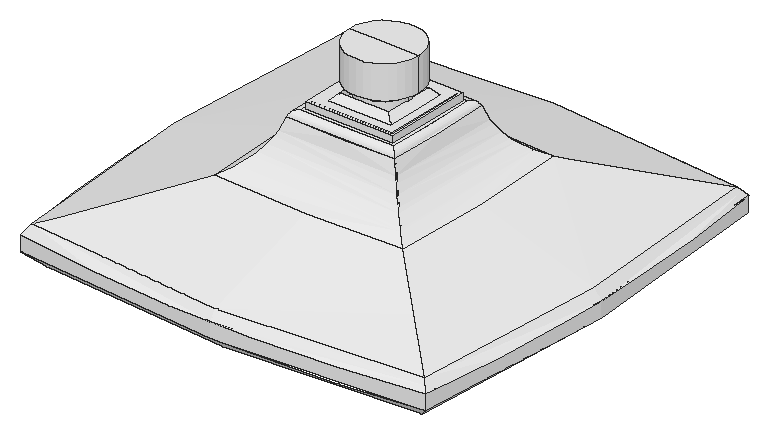
Revit family "Showerhead-American_Standard-Townsend-1660515_Series", category Plumbing Fixtures, Revit 2019
Family settings
  Round Connector Dimension = Use Diameter
  Part Type = Normal
  OmniClass Number = 23.45.05.14.17
  OmniClass Title = Showers
  Work Plane-Based = Yes
  Always vertical = No
  Cut with Voids When Loaded = No
  Shared = Yes
  Room Calculation Point = No
Parameters (values of type "1660515.002")
  Width = 6 5/16"  # constant formula
  Water Connection Radius = 1/4"  # constant formula
  Water Connection Diameter = 1/2"  # constant formula
  Waste Connection = no
  WFU = 4  # constant formula
  Vent Connection = no
  URL = "https://www.americanstandard-us.com/"
  Product Page URL = "https://www.americanstandard-us.com/Showerheads/Town-Square-S-6-1-4-Inch-18-gpm-68-L-min-Fixed-Showerhead/CHROME-1660515002"
  Product Documentation Link = "https://americanstandard.box.com/shared/static/hhltdczuiqw1s6bqu4gh6lyk77v5kmjx.pdf"
  Model = "1660515.002"
  Material = "Brass-American Standard-002-Polished Chrome"
  Manufacturer = "American Standard"  # constant formula
  Length = 6 5/16"  # constant formula
  Height = 2 11/16"  # constant formula
  HWFU = 3  # constant formula
  HW Connection = yes
  Flow Rate = "1.8 gpm(6.8 L/min)"
  Finish = Brass-American Standard-002-Polished Chrome
  Description = "Town Square® S 6-1/4-Inch 1.8 gpm/6.8 L/min Fixed Showerhead"  # constant formula
  Default Elevation = 0"
  Creation Date = "04/27/2023"  # constant formula
  Compliance Certifications = "These products meet or exceed: ASME A112.18.1, CSA B125.1"
  CalGreen Compliant = yes
  CWFU = 3  # constant formula
  CW Connection = yes
  CEC Compliant = yes
  Assembly Code = "D2010710"
Types (6): name | Product Page URL | Model | Material | Finish
  (no name) | "https://www.americanstandard-us.com/Showerheads/Town-Square-S-6-1-4-Inch-18-gpm-68-L-min-Fixed-Showerhead/CHROME-1660515002" | "1660515.002" | "Brass-American Standard-002-Polished Chrome" | Brass-American Standard-002-Polished Chrome
  1660515.002 | "https://www.americanstandard-us.com/Showerheads/Town-Square-S-6-1-4-Inch-18-gpm-68-L-min-Fixed-Showerhead/CHROME-1660515002" | "1660515.002" | "Brass-American Standard-002-Polished Chrome" | Brass-American Standard-002-Polished Chrome
  1660515.013 | "https://www.americanstandard-us.com/Showerheads/Town-Square-S-6-1-4-Inch-18-gpm-68-L-min-Fixed-Showerhead/POLISHED-NICKEL-1660515013" | "1660515.013" | "Brass-American Standard-013-Polished Nickel" | Brass-American Standard-013-Polished Nickel
  1660515.295 | "https://www.americanstandard-us.com/Showerheads/Town-Square-S-6-1-4-Inch-18-gpm-68-L-min-Fixed-Showerhead/BRUSHED-NICKEL-1660515295" | "1660515.295" | "Brass-American Standard-295-Satin Nickel" | Brass-American Standard-295-Satin Nickel
  1660515.243 | "https://www.americanstandard-us.com/Showerheads/Town-Square-S-6-1-4-Inch-18-gpm-68-L-min-Fixed-Showerhead/MATTE-BLACK-1660515243" | "1660515.243" | "Brass-American Standard-243-Matte Black" | Brass-American Standard-243-Matte Black
  1660515.278 | "https://www.americanstandard-us.com/Showerheads/Town-Square-S-6-1-4-Inch-18-gpm-68-L-min-Fixed-Showerhead/LEGACY-BRONZE-1660515278" | "1660515.278" | "Brass-American Standard-278-Legacy Bronze" | Brass-American Standard-278-Legacy Bronze
Reference planes (in)
  plane 1 "Center (Front/Back)": y = 0
  plane 2: z = 0
  plane 3 "Center (Left/Right)": x = 0
  plane 4: through (0, -2.06971, -2.60973) normal (0, -0.309, -0.9511)
  plane 5: z = -2.6875
  plane 6: x = -3.15625
  plane 7: x = 3.15625
  plane 8: y = 3.15625
  plane 9: y = -3.15625
Forms (in)
  Sweep 1, solid, material "Brass-American Standard-002-Polished Chrome" <- "Finish"
    path origin (0, 0, 0) x (1, 0, 0) y (0, 1, 0)
      loop
        arc (-2.94526, -2.92943) -> (0, -3.15918) -> (2.94526, -2.92943) r 18.99325
        arc (2.94526, -2.92943) -> (3.15683, 0) -> (2.94526, 2.92943) r 20.3864
        arc (2.94526, 2.92943) -> (0, 3.15918) -> (-2.94526, 2.92943) r 18.99325
        arc (-2.94526, 2.92943) -> (-3.15683, 0) -> (-2.94526, -2.92943) r 20.3864
    profile origin (-3.15683, 0, 0) x (-1, 0, 0) y (0, 0, 1)
      loop
        line (-0.25058, -2.6875) -> (-0.00058, -2.47773) -> (-0.00058, -2.25348) -> (-0.10714, -2.12648)
        arc (-0.10714, -2.12648) -> (-0.93213, -1.90114) -> (-1.73403, -1.60388) r 9.68333
        arc (-1.73403, -1.60388) -> (-2.1243, -1.32419) -> (-2.35605, -0.90367) r 1.0872
        arc (-2.35605, -0.90367) -> (-2.39806, -0.84271) -> (-2.46828, -0.81925) r 0.11682
        line (-2.46828, -0.81925) -> (-2.51483, -0.81925) -> (-2.51483, -0.72182) -> (-2.70536, -0.72182) -> (-2.79693, -0.63025) -> (-2.79693, -0.81925) -> (-2.56138, -0.81925) -> (-2.56138, -2.61606) -> (-0.67836, -2.61606)
        arc (-0.67836, -2.61606) -> (-0.65356, -2.62633) -> (-0.64329, -2.65131) r 0.03507
        arc (-0.64329, -2.65131) -> (-0.63269, -2.6769) -> (-0.6071, -2.6875) r 0.03619
        line (-0.6071, -2.6875) -> (-0.25058, -2.6875)
  Extrusion 2, solid, material "Brass-American Standard-002-Polished Chrome" <- "Finish"
    sketch origin (0, 0, 0) x (1, 0, 0) y (0, 1, 0)
      loop
        arc (-0.58577, 0.58736) -> (-0.59545, 0) -> (-0.58577, -0.58736) r 17.82502
        arc (-0.58577, -0.58736) -> (0, -0.5978) -> (0.58577, -0.58736) r 16.43187
        arc (0.58577, -0.58736) -> (0.59545, 0) -> (0.58577, 0.58736) r 17.82502
        arc (0.58577, 0.58736) -> (0, 0.5978) -> (-0.58577, 0.58736) r 16.43187
    from -2.61606 to -0.72182
  Revolve 3, solid, material "Brass-American Standard-002-Polished Chrome" <- "Finish"
    sketch origin (0, 0, 0) x (1, 0, 0) y (0, 0, 1)
      loop
        line (0, 0) -> (0, -0.72322) -> (0.35706, -0.72322) -> (0.35706, -0.57284) -> (0.45002, -0.47987) -> (0.50523, -0.47987) -> (0.50523, 0) -> (0, 0)
      axis (0, 0) -> (0, -0.72322)
    angle from 0 to 360
  Extrusion 4, solid, material "Rubber-American Standard-Grey"
    sketch origin (-1.28125, -0.67117, -0.05593) x (1, 0, 0) y (0, 1, 0)
      loop
        circle (-0.69755, 0.67117) r 0.05392
      loop
        circle (-0.65555, 0.23488) r 0.05392
      loop
        circle (-0.63993, -0.20389) r 0.05392
      loop
        circle (-0.60868, -0.63303) r 0.05392
      loop
        circle (-0.57743, -1.07012) r 0.05392
      loop
        circle (-0.65555, 1.10746) r 0.05392
      loop
        circle (-0.63993, 1.54624) r 0.05392
      loop
        circle (-0.60868, 1.97537) r 0.05392
      loop
        circle (-0.57743, 2.41246) r 0.05392
      loop
        circle (3.21805, 0.23488) r 0.05392
      loop
        circle (3.20243, -0.20389) r 0.05392
      loop
        circle (3.17118, -0.63303) r 0.05392
      loop
        circle (3.13993, -1.07012) r 0.05392
      loop
        circle (3.21805, 1.10746) r 0.05392
      loop
        circle (3.20243, 1.54624) r 0.05392
      loop
        circle (3.17118, 1.97537) r 0.05392
      loop
        circle (3.13993, 2.41246) r 0.05392
      loop
        circle (1.28125, 2.6236) r 0.05392
      loop
        circle (0.81371, 2.60797) r 0.05392
      loop
        circle (0.34369, 2.59235) r 0.05392
      loop
        circle (-0.1167, 2.5611) r 0.05392
      loop
        circle (1.74879, 2.60797) r 0.05392
      loop
        circle (2.21881, 2.59235) r 0.05392
      loop
        circle (2.6792, 2.5611) r 0.05392
      loop
        circle (1.28125, -1.28126) r 0.05392
      loop
        circle (0.81371, -1.26563) r 0.05392
      loop
        circle (0.34369, -1.25001) r 0.05392
      loop
        circle (-0.1167, -1.21876) r 0.05392
      loop
        circle (1.74879, -1.26563) r 0.05392
      loop
        circle (2.21881, -1.25001) r 0.05392
      loop
        circle (2.6792, -1.21876) r 0.05392
      loop
        circle (1.28125, 2.15767) r 0.05392
      loop
        circle (0.81371, 2.14205) r 0.05392
      loop
        circle (0.34369, 2.12642) r 0.05392
      loop
        circle (-0.1167, 2.09517) r 0.05392
      loop
        circle (1.74879, 2.14205) r 0.05392
      loop
        circle (2.21881, 2.12642) r 0.05392
      loop
        circle (2.6792, 2.09517) r 0.05392
      loop
        circle (1.28125, -0.81533) r 0.05392
      loop
        circle (0.81371, -0.79971) r 0.05392
      loop
        circle (0.34369, -0.78408) r 0.05392
      loop
        circle (-0.1167, -0.75283) r 0.05392
      loop
        circle (1.74879, -0.79971) r 0.05392
      loop
        circle (2.21881, -0.78408) r 0.05392
      loop
        circle (2.6792, -0.75283) r 0.05392
      loop
        circle (1.28125, 1.69175) r 0.05392
      loop
        circle (0.81371, 1.67612) r 0.05392
      loop
        circle (0.34369, 1.6605) r 0.05392
      loop
        circle (-0.1167, 1.62925) r 0.05392
      loop
        circle (1.74879, 1.67612) r 0.05392
      loop
        circle (2.21881, 1.6605) r 0.05392
      loop
        circle (2.6792, 1.62925) r 0.05392
      loop
        circle (1.28125, -0.3494) r 0.05392
      loop
        circle (0.81371, -0.33378) r 0.05392
      loop
        circle (0.34369, -0.31815) r 0.05392
      loop
        circle (-0.1167, -0.2869) r 0.05392
      loop
        circle (1.74879, -0.33378) r 0.05392
      loop
        circle (2.21881, -0.31815) r 0.05392
      loop
        circle (2.6792, -0.2869) r 0.05392
      loop
        circle (1.28125, 1.22582) r 0.05392
      loop
        circle (0.81371, 1.21019) r 0.05392
      loop
        circle (0.34369, 1.19457) r 0.05392
      loop
        circle (-0.1167, 1.16332) r 0.05392
      loop
        circle (1.74879, 1.21019) r 0.05392
      loop
        circle (2.21881, 1.19457) r 0.05392
      loop
        circle (2.6792, 1.16332) r 0.05392
      loop
        circle (1.28125, 0.11652) r 0.05392
      loop
        circle (0.81371, 0.13215) r 0.05392
      loop
        circle (0.34369, 0.14777) r 0.05392
      loop
        circle (-0.1167, 0.17902) r 0.05392
      loop
        circle (1.74879, 0.13215) r 0.05392
      loop
        circle (2.21881, 0.14777) r 0.05392
      loop
        circle (2.6792, 0.17902) r 0.05392
      loop
        circle (-0.1167, 0.67117) r 0.05392
      loop
        circle (2.6792, 0.67117) r 0.05392
      loop
        circle (0.34369, 0.67117) r 0.05392
      loop
        circle (0.81371, 0.67117) r 0.05392
      loop
        circle (1.28125, 0.67117) r 0.05392
      loop
        circle (1.74879, 0.67117) r 0.05392
      loop
        circle (2.21881, 0.67117) r 0.05392
      loop
        circle (3.25978, 0.67117) r 0.05392
    from -2.68066 to -2.25
Cuts and joins
  joined: Extrusion 2, Revolve 3
Lines and regions (in)
  Masking region 1
    outline origin (0, 0, 0) x (1, 0, 0) y (0, 1, 0)
      loop
        arc (2.94475, 2.92893) -> (0, 3.1586) -> (-2.94475, 2.92893) r 18.99267
        arc (-2.94475, 2.92893) -> (-3.15625, 0) -> (-2.94475, -2.92893) r 20.38583
        arc (-2.94475, -2.92893) -> (0, -3.1586) -> (2.94475, -2.92893) r 18.99267
        arc (2.94475, -2.92893) -> (3.15625, 0) -> (2.94475, 2.92893) r 20.38583
  symbolic lines, detail levels medium+fine
    curve 1: circle (0, 0, 0) r 0.50523 normal (0, 0, 1)
    curve 12: circle (-0.00013, -0.00113, 0) r 0.25 normal (0, 0, 1)
  symbolic lines, detail levels fine
    curve 2: arc (-0.63081, 0.63227, 0) -> (0, 0.64435, 0) -> (0.63081, 0.63227, 0) r 16.47842
    curve 3: arc (0.63081, 0.63227, 0) -> (0.642, 0, 0) -> (0.63081, -0.63227, 0) r 17.87157
    curve 4: arc (0.63081, -0.63227, 0) -> (0, -0.64435, 0) -> (-0.63081, -0.63227, 0) r 16.47842
    curve 5: arc (-0.63081, -0.63227, 0) -> (-0.642, 0, 0) -> (-0.63081, 0.63227, 0) r 17.87157
    curve 6: spline (-1.37287, 1.3709, 0) -> (-1.30881, 1.30859, 0) -> (-1.24645, 1.24771, 0) -> (-1.18611, 1.1886, 0) -> (-1.12813, 1.13157, 0) -> (-1.07279, 1.07691, 0) -> (-1.02041, 1.02493, 0) -> (-0.97125, 0.97588, 0) -> (-0.92557, 0.93005, 0) -> (-0.88363, 0.88766, 0) -> (-0.84563, 0.84894, 0) -> (-0.81179, 0.81411, 0) -> (-0.78228, 0.78333, 0)
    curve 7: spline (0.78235, 0.78326, 0) -> (0.81319, 0.8127, 0) -> (0.84813, 0.84643, 0) -> (0.88697, 0.88429, 0) -> (0.92953, 0.92606, 0) -> (0.97556, 0.97153, 0) -> (1.02483, 1.02046, 0) -> (1.07708, 1.07259, 0) -> (1.13203, 1.12763, 0) -> (1.18938, 1.18531, 0) -> (1.24884, 1.24531, 0) -> (1.31008, 1.30731, 0) -> (1.37279, 1.37099, 0)
    curve 8: arc (-2.85045, 2.8357, 0) -> (-3.04969, 0, 0) -> (-2.85045, -2.8357, 0) r 20.27927
    curve 9: arc (2.85045, 2.8357, 0) -> (0, 3.05204, 0) -> (-2.85045, 2.8357, 0) r 18.88611
    curve 10: arc (2.85045, -2.8357, 0) -> (3.04969, 0, 0) -> (2.85045, 2.8357, 0) r 20.27927
    curve 11: arc (-2.85045, -2.8357, 0) -> (0, -3.05204, 0) -> (2.85045, -2.8357, 0) r 18.88611
    curve 13: spline (-1.37287, -1.3709, 0) -> (-1.30881, -1.30859, 0) -> (-1.24645, -1.24771, 0) -> (-1.18611, -1.1886, 0) -> (-1.12813, -1.13157, 0) -> (-1.07279, -1.07691, 0) -> (-1.02041, -1.02493, 0) -> (-0.97125, -0.97588, 0) -> (-0.92557, -0.93005, 0) -> (-0.88363, -0.88766, 0) -> (-0.84563, -0.84894, 0) -> (-0.81179, -0.81411, 0) -> (-0.78228, -0.78333, 0)
    curve 14: spline (0.78235, -0.78326, 0) -> (0.81319, -0.8127, 0) -> (0.84813, -0.84643, 0) -> (0.88697, -0.88429, 0) -> (0.92953, -0.92606, 0) -> (0.97556, -0.97153, 0) -> (1.02483, -1.02046, 0) -> (1.07708, -1.07259, 0) -> (1.13203, -1.12763, 0) -> (1.18938, -1.18531, 0) -> (1.24884, -1.24531, 0) -> (1.31008, -1.30731, 0) -> (1.37279, -1.37099, 0)
Dimensions and locks (in)
  "Height": level to plane 5
  equal spacing: plane 6, plane 3 "Center (Left/Right)", plane 7
  "Length": plane 6 to plane 7
  equal spacing: plane 9, plane 1 "Center (Front/Back)", plane 8
  "Width": plane 8 to plane 9
  plane 7 to plane 6 = 6 5/16"
  aligned and locked: Extrusion 2 to Sweep 1
  aligned and locked: Sweep 1 to Extrusion 2
  aligned and locked: Masking region 1 sketch curve to Sweep 1  (x4)
  aligned and locked: curve 1 to cut or joined group of Extrusion 2, Revolve 3
  aligned and locked: curve 2 to Sweep 1
  aligned and locked: curve 3 to Sweep 1
  aligned and locked: curve 4 to Sweep 1
  aligned and locked: curve 5 to Sweep 1
Automatic sketch dimensions
  plane 1 "Center (Front/Back)" to Sweep 1 sketch curve = 0"  (x2)
  Sweep 1 sketch curve to plane 3 "Center (Left/Right)" = 0"  (x2)
  Sweep 1 sketch curve to plane 6 = 14.07333"
  Sweep 1 sketch curve to plane 7 = 14.07333"
  plane 9 to Sweep 1 sketch curve = 12.67782"
  plane 8 to Sweep 1 sketch curve = 12.67782"
  plane 6 to Sweep 1 sketch curve = 0.21099"  (x2)
  plane 7 to Sweep 1 sketch curve = 0.21099"
  Sweep 1 sketch curve to plane 9 = 0.22682"
  plane 1 "Center (Front/Back)" to Extrusion 2 sketch curve = 0"  (x2)
  Extrusion 2 sketch curve to plane 3 "Center (Left/Right)" = 0"  (x2)
  Extrusion 2 sketch curve to plane 6 = 14.07333"
  Extrusion 2 sketch curve to plane 7 = 14.07333"
  plane 9 to Extrusion 2 sketch curve = 12.67782"
  plane 8 to Extrusion 2 sketch curve = 12.67782"
  Extrusion 2 sketch curve to plane 3 "Center (Left/Right)" = 0.58577"  (x2)
  plane 3 "Center (Left/Right)" to Extrusion 2 sketch curve = 0.58577"
  plane 1 "Center (Front/Back)" to Extrusion 2 sketch curve = 0.58736"
  Revolve 3 sketch curve to level = 0"
  Revolve 3 sketch curve to plane 3 "Center (Left/Right)" = 0"  (x2)
  plane 3 "Center (Left/Right)" to Revolve 3 sketch curve = 0.35706"
  Revolve 3 sketch curve to Revolve 3 sketch curve = 0.14817"
  Revolve 3 sketch curve to level = 0.47987"
  Revolve 3 sketch curve to Revolve 3 sketch curve = 0.15038"
  Revolve 3 sketch curve to Revolve 3 sketch curve = 0.05521"
  Revolve 3 sketch curve to Revolve 3 sketch curve = 0.21352"
  Revolve 3 sketch curve to Revolve 3 sketch curve = 0.09937"
  Revolve 3 sketch curve to Revolve 3 sketch curve = 0.09297"
  Sweep 1 sketch curve to level = 0.81925"
  profile plane to Sweep 1 sketch curve = 2.79693"
  Sweep 1 sketch curve to level = 0.72182"
  Sweep 1 sketch curve to Sweep 1 sketch curve = 0.09157"  (x2)
  Sweep 1 sketch curve to Sweep 1 sketch curve = 0.14398"
  Sweep 1 sketch curve to Sweep 1 sketch curve = 0.04655"  (x2)
  Sweep 1 sketch curve to Sweep 1 sketch curve = 1.15679"
  profile plane to Sweep 1 sketch curve = 0.67836"
  profile plane to Sweep 1 sketch curve = 0.25058"
  profile plane to Sweep 1 sketch curve = 0.10714"
  profile plane to Sweep 1 sketch curve = 0.00058"
  Sweep 1 sketch curve to profile plane = 2.02938"
  Sweep 1 sketch curve to Sweep 1 sketch curve = 0"  (x2)
  Sweep 1 sketch curve to Sweep 1 sketch curve = 0.11682"
  Sweep 1 sketch curve to level = 2.12648"
  Sweep 1 sketch curve to Sweep 1 sketch curve = 0.12699"
  Sweep 1 sketch curve to Sweep 1 sketch curve = 0.22425"
  Sweep 1 sketch curve to Sweep 1 sketch curve = 0.13833"
  Sweep 1 sketch curve to level = 0.60215"
  level to Sweep 1 sketch curve = 7.31821"
  Sweep 1 sketch curve to Sweep 1 sketch curve = 0.07126"
  Sweep 1 sketch curve to Sweep 1 sketch curve = 0.03507"
  Sweep 1 sketch curve to Sweep 1 sketch curve = 0.00018"
  Sweep 1 sketch curve to Sweep 1 sketch curve = 0.20977"
  curve 2 to curve 9 = 0"  (x2)
  curve 3 to curve 10 = 0"  (x2)
  curve 4 to curve 11 = 0"  (x2)
  curve 5 to curve 8 = 0"  (x2)
  curve 12 to plane 3 "Center (Left/Right)" = 0.00013"
  plane 1 "Center (Front/Back)" to curve 12 = 0.00113"
  plane 6 to curve 9 = 0.3058"
  plane 6 to curve 8 = 0.3058"
  curve 13 to curve 4 = 0.99799"
  curve 6 to curve 2 = 0.99799"
  curve 6 to curve 6 = 0.25592"
  curve 13 to curve 13 = 0.25592"
  curve 13 to curve 4 = 0.15147"
  curve 6 to curve 2 = 0.15147"
  curve 6 to curve 2 = 0.07245"
  curve 13 to curve 4 = 0.07245"
  curve 3 to curve 7 = 0.06011"
  curve 3 to curve 14 = 0.06011"
  curve 7 to curve 7 = 0.09143"
  curve 14 to curve 14 = 0.09143"
  curve 14 to curve 14 = 0.59044"
  curve 7 to curve 7 = 0.59044"
  curve 14 to curve 14 = 0.21322"
  curve 7 to curve 7 = 0.21322"
  plane 7 to curve 9 = 0.3058"
  curve 10 to plane 9 = 0.32055"
  curve 14 to curve 3 = 0.99111"
  curve 13 to curve 4 = 0.94807"
  curve 14 to curve 14 = 0.25239"
  curve 13 to curve 13 = 0.20943"
  curve 2 to curve 6 = 0.05926"
  curve 3 to curve 7 = 0.07169"
  curve 7 to curve 7 = 0.0793"
  curve 6 to curve 6 = 0.0918"
  plane 1 "Center (Front/Back)" to Extrusion 4 sketch curve = 0"  (x9)
  Extrusion 4 sketch curve to plane 3 "Center (Left/Right)" = 0"  (x9)
  Extrusion 4 sketch curve to plane 3 "Center (Left/Right)" = 0.46754"  (x4)
  Extrusion 4 sketch curve to Extrusion 4 sketch curve = 0"  (x19)
  Extrusion 4 sketch curve to Extrusion 4 sketch curve = 0.47002"  (x9)
  Extrusion 4 sketch curve to Extrusion 4 sketch curve = 0.46039"  (x18)
  Extrusion 4 sketch curve to Extrusion 4 sketch curve = 0.46073"  (x4)
  Extrusion 4 sketch curve to Extrusion 4 sketch curve = 1/32"  (x24)
  Extrusion 4 sketch curve to Extrusion 4 sketch curve = 1/64"  (x10)
  Extrusion 4 sketch curve to Extrusion 4 sketch curve = 0.04199"
  plane 3 "Center (Left/Right)" to Extrusion 4 sketch curve = 0.46754"  (x3)
  Extrusion 4 sketch curve to Extrusion 4 sketch curve = 0.46754"
  Extrusion 4 sketch curve to Extrusion 4 sketch curve = 0.04173"
  plane 1 "Center (Front/Back)" to Extrusion 4 sketch curve = 0.43629"  (x2)
  Extrusion 4 sketch curve to Extrusion 4 sketch curve = 0.49215"  (x2)
  Extrusion 4 sketch curve to Extrusion 4 sketch curve = 0.43877"  (x4)
  Extrusion 4 sketch curve to Extrusion 4 sketch curve = 0.46593"  (x30)
  Extrusion 4 sketch curve to Extrusion 4 sketch curve = 0.42914"  (x4)
  Extrusion 4 sketch curve to Extrusion 4 sketch curve = 0.43709"  (x4)
  Extrusion 4 sketch curve to plane 1 "Center (Front/Back)" = 0.43629"  (x2)
  Extrusion 4 sketch curve to plane 1 "Center (Front/Back)" = 0.49215"  (x2)
  radius of curve 12 = 1/4"
  radius of Extrusion 4 sketch curve = 0.05392"  (x81)
Connectors (in)
  piping at (0, 0, 0), diameter 0.5, driven by "Water Connection Diameter"
    settings: on cut or joined group of Extrusion 2, Revolve 3, index 1, connector inside diameter 24", connector length 0", flow factor 0, pipe flow 0 GPM, pressure drop 0.00 psi, fitting loss kfactor 0, connector angle 0.00°, fixture units 0, engagement length 0", angle of deflection 0.00°, flow configuration 0, flow direction 1, fitting loss method 0, system type 29, joint type 0, gender type 0, connector reference index -1, connector utility 0, adjustable connector no, is connector primary yes, connector description "1/2\" NPT Inlet Connection"
